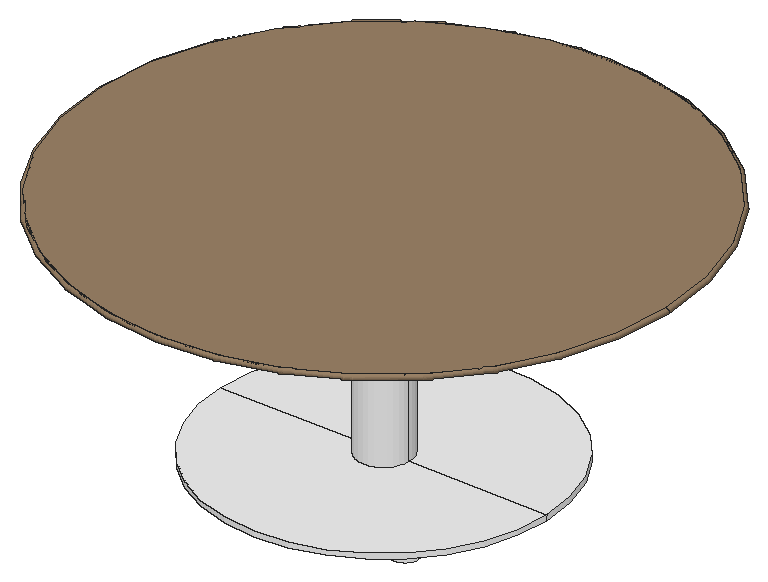
Revit family "Table-Teknion-NVBT-Vignette_Coffee_Table-R2020", category Furniture, Revit 2020
Family settings
  OmniClass Number = 23.40.20.00
  OmniClass Title = General Furniture and Specialties
  Work Plane-Based = No
  Always vertical = No
  Cut with Voids When Loaded = No
  Shared = No
  Room Calculation Point = No
Parameters (values of type "Vignette Round Table")
  URL = "www.teknion.com"
  Table Top = Veneer-Teknion-UK-Natural_Veneer_V2-Medium_Dark_Cherry
  Square Top = no
  Product Page URL = "http://www.teknion.com/products/seating_tables_vignette/default.asp?country=us&section=tables&subSection=casual&product=vignette&module=pricing&Productsection=Work-Chairs&code=Vignette&language="
  Product Name = "Vignette"  # constant formula
  Product Documentation Link = "http://www.teknion.com/pricing/seating/pdfs/Vignette_ppg.pdf"
  Model = if(Square Top, "NVBTS", "NVBTR")  # "NVBTR"
  Material = ""
  Manufacturer = "Teknion"  # constant formula
  Keynote = "125000"
  Height = 1' - 5 1/2"  # constant formula
  Description = if(Square Top, "Square Coffee Table", "Round Coffee Table")  # "Round Coffee Table"
  Table Base = Paint - Teknion - C - Chrome
  Default Elevation = 0' - 0"
  Circular Top = not(Square Top)  # yes
  Assembly Code = "E2020200"
Types (3): name | Table Top | Square Top | Model | Description | Circular Top
  (no name) | Veneer-Teknion-UK-Natural_Veneer_V2-Medium_Dark_Cherry | no | "NVBTR" | "Round Coffee Table" | yes
  Vignette Square Table | Veneer-Teknion-5S-Flintwood-Silverwash | yes | "NVBTS" | "Square Coffee Table" | no
  Vignette Round Table | Veneer-Teknion-UK-Natural_Veneer_V2-Medium_Dark_Cherry | no | "NVBTR" | "Round Coffee Table" | yes
Reference planes (in)
  plane 1 "Center Front/Back": y = 0
  plane 2: z = 0
  plane 3 "Center Left/Right": x = 0
  plane 4: through (480, 10.0118, 27.82523) normal (0, 0.9595, -0.2819)
  plane 5: through (480, 10.0118, 27.82523) normal (0, 0.9595, -0.2819)
  plane 6 "Top": z = 17.5
  plane 7 "Left": x = -18
  plane 8 "Right": x = 18
  plane 9 "Back": y = 18
  plane 10 "Front": y = -18
  plane 11: z = 17.125
  plane 12: z = 0.375
  plane 13: y = -21
  plane 14: y = 21
Forms (in)
  Extrusion 1, solid, material "Paint - Teknion - C - Chrome" <- "Table Base"
    sketch origin (0, 0, 0) x (1, 0, 0) y (0, 1, 0)
      loop
        circle (-7.60031, -7.60107) r 1
      loop
        circle (7.64969, -7.60107) r 1
      loop
        circle (-7.5771, 7.59053) r 1
      loop
        circle (7.64969, 7.56732) r 1
    from 0 to 0.375
  Revolve 2, solid, material "Paint - Teknion - C - Chrome" <- "Table Base"
    sketch origin (0, 0, 0) x (1, 0, 0) y (0, 0, 1)
      loop
        line (0, 17.125) -> (-1.875, 17.125) -> (-1.875, 0.75) -> (-12, 0.75) -> (-12, 0.375) -> (0, 0.375) -> (0, 17.125)
      axis (0, 17.125) -> (0, 0.375)
    angle from 0 to 360
Lines and regions (in)
  Masking region 1, visible <- "Square Top"
    outline origin (0, 0, 0) x (1, 0, 0) y (0, 1, 0)
      loop
        line (-18, 18) -> (-18, -18) -> (18, -18) -> (18, 18) -> (-18, 18)
  Masking region 2, visible <- "Circular Top"
    outline origin (0, 0, 0) x (1, 0, 0) y (0, 1, 0)
      loop
        circle (0, 0) r 21
Dimensions and locks (in)
  "Height": plane 6 "Top" to level
  locked: plane 6 "Top" to plane 11 at 0.375
  locked: plane 12 to plane 2 at 0.375
  locked: Revolve 2 sketch curve to plane 12 at 0.375
  plane 3 "Center Left/Right" to Revolve 2 sketch curve to Revolve 2 sketch curve = 0' - 1 7/8" locked, 0' - 10 1/8" locked
  Extrusion 1 sketch curve to Extrusion 1 sketch curve to plane 3 "Center Left/Right" to Extrusion 1 sketch curve to Extrusion 1 sketch curve = 0' - 0.02321" locked, 0' - 7.5771" locked, 0' - 7.64969" locked, 0' - 0" locked
  Extrusion 1 sketch curve to Extrusion 1 sketch curve to plane 1 "Center Front/Back" to Extrusion 1 sketch curve to Extrusion 1 sketch curve = 0' - 0" locked, 0' - 6.60107" locked, 0' - 6.56732" locked, 0' - 0.02321" locked
  equal spacing: plane 7 "Left", plane 3 "Center Left/Right", plane 8 "Right"
  locked: plane 7 "Left" to plane 8 "Right" at 36
  locked: plane 9 "Back" to plane 10 "Front" at 36
  equal spacing: plane 9 "Back", plane 1 "Center Front/Back", plane 10 "Front"
  equal spacing: plane 14, plane 1 "Center Front/Back", plane 13
  locked: plane 14 to plane 13 at 42
  locked: plane 14 to Masking region 2 sketch curve at 0
  locked: plane 3 "Center Left/Right" to Masking region 2 sketch curve at 21
  aligned and locked: level to plane 2
  aligned and locked: Revolve 2 sketch curve to plane 3 "Center Left/Right"
  aligned and locked: plane 3 "Center Left/Right" to Revolve 2 sketch curve
  aligned and locked: plane 11 to Revolve 2 sketch curve
  aligned and locked: plane 12 to Revolve 2 sketch curve
  aligned and locked: Extrusion 1 to plane 12
  aligned and locked: Extrusion 1 to plane 2
  aligned and locked: plane 1 "Center Front/Back" to nested 1
  aligned and locked: plane 3 "Center Left/Right" to nested 1
  aligned and locked: plane 11 to nested 1
  aligned and locked: Masking region 1 sketch curve to plane 9 "Back"
  aligned and locked: plane 7 "Left" to Masking region 1 sketch curve
  aligned and locked: plane 10 "Front" to Masking region 1 sketch curve
  aligned and locked: Masking region 1 sketch curve to plane 8 "Right"
Automatic sketch dimensions
  Revolve 2 sketch curve to level = 1' - 9 9/16"
  plane 6 "Top" to Revolve 2 sketch curve = 2' - 11 1/2"
  Masking region 2 sketch curve to plane 3 "Center Left/Right" = 0' - 0"
  radius of Extrusion 1 sketch curve = 0' - 1"  (x4)
Nested families (in)
  nested 1: "Vignette Table Top" at (0, 0, 17.125), type "Circular Top"
    with Diameter 3' - 6", Square Top no, Circular Top yes
  nested 2: "Teknion_2D_Node_Family-R2020" at (0, 0, 0), type "Teknion_2D_Node_Family-R2020"
Definition of nested family "Vignette Table Top"
  Parameters
    Table Top = none
    Square Top = yes
    Square Table Top = 3' - 0"
    Diameter [instance] = 3' - 6"
    Default Elevation = 0' - 0"
    Circular Top = no
  Reference planes (in)
    plane 1 "Center (Front/Back)": y = 0
    plane 2: z = 0
    plane 3 "Center (Left/Right)": x = 0
    plane 4: z = 0.375
    plane 5: x = -18
    plane 6: x = 18
    plane 7: y = 18
    plane 8: y = -18
    plane 9: y = 21
    plane 10: y = -21
  Forms (in)
    Sweep 1, solid, material <- "Table Top", visible <- "Square Top"
      path origin (0, 0, 0) x (1, 0, 0) y (0, 1, 0)
        loop
          line (17.8125, 17.8125) -> (-17.8125, 17.8125) -> (-17.8125, -17.8125) -> (17.8125, -17.8125) -> (17.8125, 17.8125)
      profile origin (17.8125, 0, 0) x (1, 0, 0) y (0, 0, 1)
        loop
          arc (0, 0) -> (0.1875, 0.1875) -> (0, 0.375) r 0.1875
          line (0, 0.375) -> (0, 0)
    Extrusion 2, solid, material <- "Table Top", visible <- "Square Top"
      sketch origin (0, 0, 0) x (1, 0, 0) y (0, 1, 0)
        loop
          line (-17.8125, 17.8125) -> (-17.8125, -17.8125) -> (17.8125, -17.8125) -> (17.8125, 17.8125) -> (-17.8125, 17.8125)
      from 0 to 0.375
    Sweep 3, solid, material <- "Table Top", visible <- "Circular Top"
      path origin (0, 0, 0) x (1, 0, 0) y (0, 1, 0)
        loop
          circle (0, 0) r 20.8125
      profile origin (0, 20.8125, 0) x (0, -1, 0) y (0, 0, 1)
        loop
          line (0, 0) -> (0, 0.375)
          arc (0, 0.375) -> (-0.1875, 0.1875) -> (0, 0) r 0.1875
    Extrusion 4, solid, material <- "Table Top", visible <- "Circular Top"
      sketch origin (0, 0, 0) x (1, 0, 0) y (0, 1, 0)
        loop
          circle (0, 0) r 20.8125
      from 0 to 0.375
  Cuts and joins
    joined: Sweep 1, Extrusion 2
    joined: Sweep 3, Extrusion 4
  Dimensions and locks (in)
    locked: plane 4 to plane 2 at 0.375
    equal spacing: plane 7, plane 1 "Center (Front/Back)", plane 8
    equal spacing: plane 5, plane 3 "Center (Left/Right)", plane 6
    "Square Table Top": plane 7 to plane 8
    "Square Table Top": plane 5 to plane 6
    equal spacing: plane 9, plane 1 "Center (Front/Back)", plane 10
    "Diameter": plane 9 to plane 10
    aligned and locked: plane 2 to level
    aligned and locked: Extrusion 2 to plane 2
    aligned and locked: plane 4 to cut or joined group of Sweep 3, Extrusion 4
  Automatic sketch dimensions
    plane 5 to Sweep 1 sketch curve = 0' - 0 3/16"
    Sweep 1 sketch curve to plane 6 = 0' - 0 3/16"
    plane 8 to Sweep 1 sketch curve = 0' - 0 3/16"
    Sweep 1 sketch curve to plane 7 = 0' - 0 3/16"
    profile plane to Sweep 1 sketch curve = 0' - 0"
    Sweep 1 sketch curve to level = 0' - 0"
    level to Sweep 1 sketch curve = 0' - 0 3/16"
    plane 5 to Extrusion 2 sketch curve = 0' - 0 3/16"
    Extrusion 2 sketch curve to plane 6 = 0' - 0 3/16"
    plane 8 to Extrusion 2 sketch curve = 0' - 0 3/16"
    Extrusion 2 sketch curve to plane 7 = 0' - 0 3/16"
    plane 1 "Center (Front/Back)" to Sweep 3 sketch curve = 0' - 0"
    Sweep 3 sketch curve to plane 3 "Center (Left/Right)" = 0' - 0"
    Sweep 3 sketch curve to profile plane = 0' - 0"
    Sweep 3 sketch curve to level = 0' - 0"
    level to Sweep 3 sketch curve = 0' - 0 3/16"
    plane 1 "Center (Front/Back)" to Extrusion 4 sketch curve = 0' - 0"
    Extrusion 4 sketch curve to plane 3 "Center (Left/Right)" = 0' - 0"
    radius of Sweep 3 sketch curve = 1' - 8 13/16"
    radius of Extrusion 4 sketch curve = 1' - 8 13/16"
Definition of nested family "Teknion_2D_Node_Family-R2020"
  Reference planes (in)
    plane 1 "Center (Front/Back)": y = 0
    plane 2: z = 0
    plane 3 "Center (Left/Right)": x = 0
  Lines and regions (in)
    detail lines, in view "Ref. Level"
      curve 1: circle (0, 0, 0) r 1.25 normal (0, 0, 1)
      curve 2: line (1.91508, -1.91508, 0) -> (-1.91508, 1.91508, 0)
      curve 3: line (-1.91508, -1.91508, 0) -> (1.91508, 1.91508, 0)
